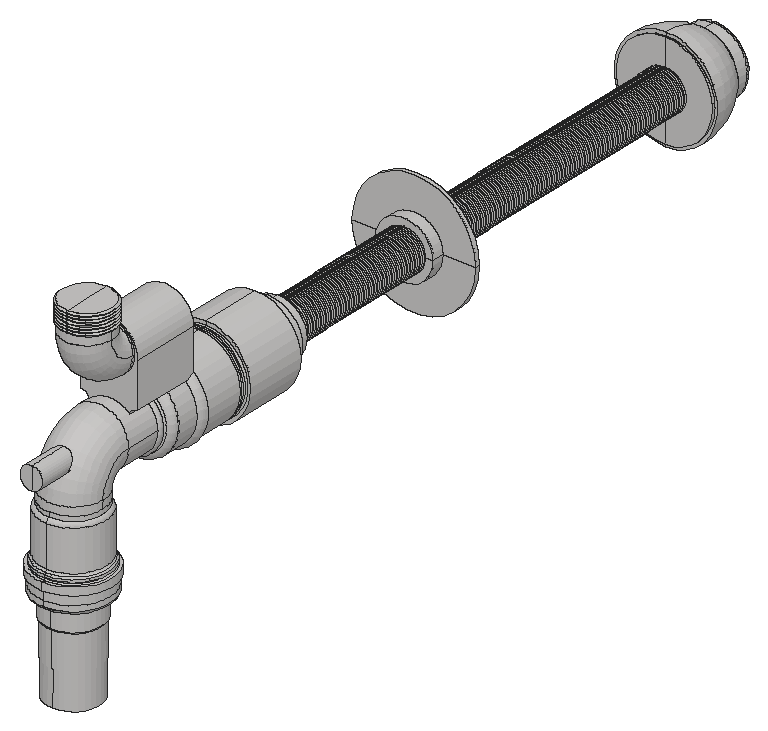
Revit family
Parameters (values of type "Type 1")
  WarrantyDurationUnit = "10 years"
  WarrantyDescription = "Any manufacturing defect"
  Version = "v1"
  URL = "http://www.delabie.com"
  Type Comments = "Cross wall time flow kit for direct flush"
  SerialNumber = "3456330020671"
  Radius = 13 mm
  ProductInformation = "http://www.delabie.com/products/761200"
  Operation = "Time flow tap"
  NominalLength = 200 mm
  Name = "TEMPOFLUX"
  ModelNumber = "761200"
  Model = "TEMPOFLUX"
  Material = Solid brass
  ManufacturerURL = "http://www.delabie.com"
  ManufacturerName = "DELABIE"
  Manufacturer = "DELABIE"
  IntegralAccessoryOptions = "Flush tube"
  IntegralAccessory = "Stopcock"
  Grade = "ACS - PZH"
  Finish = Chrome-plated
  Features  = "Cross wall time kit for direct flush:\r\nCross wall control, can be cut-to-size.\r\nSoft-touch operation.\r\nTime flow ~7 sec.\r\nVacuum breaker.\r\nIntegrated stopcock and flow/volume rate adjuster.\r\nSolid brass body and chrome-plated push-button.\r\nIn-line inlet M¾\".\r\nConnection washer Ø 32/55mm.\r\nFor walls of 200mm or less, without tube."
  Description = "French manufacturer Delabie is a leader in the European sanitary ware market for non-domestic places. Water controls, solutions for disabled people, sanitary ware, for schools, leisure centres, offices, hospitals, airports…"
  Category = "WC valve"
  Assembly Code = ""
Reference planes
  plane 1: y = 0
  plane 2 "Center (Left/Right)": x = 125
  plane 3 "Back": y = 75
  plane 4: y = 75
  plane 5: y = -75
  plane 6: y = -75
  plane 7: z = 1025
Forms (mm)
  Revolve 1, solid, material "Laiton massif chromé"
    sketch origin (-8600, -159.4, 1025) x (0, 1, 0) y (-1, 0, 0)
      loop
        line (84.4, -8725) -> (84.4, -8695) -> (82.4, -8695) -> (82.4, -8711) -> (76.4, -8711) -> (76.4, -8725) -> (84.4, -8725)
      axis (76.4, -8725) -> (84.4, -8725)
    angle from 0 to 360
Text (mm)
  text "Placement side" at (-1787.139, 592.35, 0), in view "Ref. Level"
  text "Placement side" at (0, 1827.695, 2917.686), in view "Left"
  text "Placement side" at (0, 562.268, 3853.606), in view "Right"
Dimensions and locks
  locked: plane 3 "Back" to host wall at 0
  locked: plane 4 to plane 3 "Back" at 0
  Revolve 1 sketch curve to Revolve 1 sketch curve to Revolve 1 sketch curve = 2 mm locked, 6 mm locked
  locked: plane 5 to plane 6 at 0
  aligned and locked: host wall to plane 1
  aligned and locked: plane 4 to nested 1
  aligned and locked: plane 5 to host wall
  aligned and locked: Revolve 1 to plane 6
Nested families
  nested 1: "761200b" at (125, 75, 0), type "761200b"
Connectors
  piping at (125, -275.2, 1088.3), driven by "Radius"
    settings: on nested 1, index 2, connector radius 13 mm, flow factor 0, pipe flow 1.0 L/s, pressure drop 0.0 Pa, fitting loss kfactor 0, connector angle 0.00°, fixture units 0, flow configuration 0, flow direction 1, fitting loss method 0, system type 20, connector reference index -1, connector utility 0, adjustable connector no, is connector primary yes, fitting loss table "", connector description "In - Cold water"
Definition of nested family "761200b"
  Parameters (values of type "761200b")
    Assembly Code = ""
  Types (2): name
    761200b
    Type 1
  Reference planes
    plane 1 "Center (Front/Back)": y = 0
    plane 2: z = 0
    plane 3 "Center (Left/Right)": x = 0
    plane 4: y = -358.6
  Forms (mm)
    Revolve 1, solid, material "Laiton massif chromé"
      sketch origin (0, -923.824, -119.098) x (0, 1, 0) y (0, 0, 1)
        loop
          line (953.345, 1160.598) -> (945.824, 1160.598) -> (945.824, 1161.598)
          arc (945.824, 1161.598) -> (945.69, 1162.098) -> (945.324, 1162.464) r 1
          arc (945.324, 1162.464) -> (935.632, 1167.505) -> (924.824, 1169.098) r 32.93
          line (924.824, 1169.098) -> (924.824, 1167.418) -> (923.824, 1167.418) -> (923.824, 1144.098) -> (956.26, 1144.098)
          arc (956.26, 1144.098) -> (956.198, 1145.355) -> (956.011, 1146.598) r 12.654
          arc (956.011, 1146.598) -> (955.808, 1152.639) -> (955.365, 1158.667) r 151.88
          arc (955.365, 1158.667) -> (954.742, 1160.038) -> (953.345, 1160.598) r 2.023
        axis (956.26, 1144.098) -> (923.824, 1144.098)
      angle from 0 to 360
    Revolve 2, solid, material "Laiton massif chromé"
      sketch origin (0, 0, 0) x (0, 1, 0) y (0, 0, 1)
        loop
          line (0, 1025) -> (0, 1035.25) -> (-0.5, 1034.384) -> (-1, 1035.25) -> (-1.5, 1034.384) -> (-2, 1035.25) -> (-2.5, 1034.384) -> (-3, 1035.25) -> (-3.5, 1034.384) -> (-4, 1035.25) -> (-4.5, 1034.384) -> (-5, 1035.25) -> (-5.5, 1034.384) -> (-6, 1035.25) -> (-6.5, 1034.384) -> (-7, 1035.25) -> (-7.5, 1034.384) -> (-8, 1035.25) -> (-8.5, 1034.384) -> (-9, 1035.25) -> (-9.5, 1034.384) -> (-10, 1035.25) -> (-10.5, 1034.384) -> (-11, 1035.25) -> (-11.5, 1034.384) -> (-12, 1035.25) -> (-12.5, 1034.384) -> (-13, 1035.25) -> (-13.5, 1034.384) -> (-14, 1035.25) -> (-14.5, 1034.384) -> (-15, 1035.25) -> (-15.5, 1034.384) -> (-16, 1035.25) -> (-16.5, 1034.384) -> (-17, 1035.25) -> (-17.5, 1034.384) -> (-18, 1035.25) -> (-18.5, 1034.384) -> (-19, 1035.25) -> (-19.5, 1034.384) -> (-20, 1035.25) -> (-20.5, 1034.384) -> (-21, 1035.25) -> (-21.5, 1034.384) -> (-22, 1035.25) -> (-22.5, 1034.384) -> (-23, 1035.25) -> (-23.5, 1034.384) -> (-24, 1035.25) -> (-24.5, 1034.384) -> (-25, 1035.25) -> (-25.5, 1034.384) -> (-26, 1035.25) -> (-26.5, 1034.384) -> (-27, 1035.25) -> (-27.5, 1034.384) -> (-28, 1035.25) -> (-28.5, 1034.384) -> (-29, 1035.25) -> (-29.5, 1034.384) -> (-30, 1035.25) -> (-30.5, 1034.384) -> (-31, 1035.25) -> (-31.5, 1034.384) -> (-32, 1035.25) -> (-32.5, 1034.384) -> (-33, 1035.25) -> (-33.5, 1034.384) -> (-34, 1035.25) -> (-34.5, 1034.384) -> (-35, 1035.25) -> (-35.5, 1034.384) -> (-36, 1035.25) -> (-36.5, 1034.384) -> (-37, 1035.25) -> (-37.5, 1034.384) -> (-38, 1035.25) -> (-38.5, 1034.384) -> (-39, 1035.25) -> (-39.5, 1034.384) -> (-40, 1035.25) -> (-40.5, 1034.384) -> (-41, 1035.25) -> (-41.5, 1034.384) -> (-42, 1035.25) -> (-42.5, 1034.384) -> (-43, 1035.25) -> (-43.5, 1034.384) -> (-44, 1035.25) -> (-44.5, 1034.384) -> (-45, 1035.25) -> (-45.5, 1034.384) -> (-46, 1035.25) -> (-46.5, 1034.384) -> (-47, 1035.25) -> (-47.5, 1034.384) -> (-48, 1035.25) -> (-48.5, 1034.384) -> (-49, 1035.25) -> (-49.5, 1034.384) -> (-50, 1035.25) -> (-50.5, 1034.384) -> (-51, 1035.25) -> (-51.5, 1034.384) -> (-52, 1035.25) -> (-52.5, 1034.384) -> (-53, 1035.25) -> (-53.5, 1034.384) -> (-54, 1035.25) -> (-54.5, 1034.384) -> (-55, 1035.25) -> (-55.5, 1034.384) -> (-56, 1035.25) -> (-56.5, 1034.384) -> (-57, 1035.25) -> (-57.5, 1034.384) -> (-58, 1035.25) -> (-58.5, 1034.384) -> (-59, 1035.25) -> (-59.5, 1034.384) -> (-60, 1035.25) -> (-60.5, 1034.384) -> (-61, 1035.25) -> (-61.5, 1034.384) -> (-62, 1035.25) -> (-62.5, 1034.384) -> (-63, 1035.25) -> (-63.5, 1034.384) -> (-64, 1035.25) -> (-64.5, 1034.384) -> (-65, 1035.25) -> (-65.5, 1034.384) -> (-66, 1035.25) -> (-66.5, 1034.384) -> (-67, 1035.25) -> (-67.5, 1034.384) -> (-68, 1035.25) -> (-68.5, 1034.384) -> (-69, 1035.25) -> (-69.5, 1034.384) -> (-70, 1035.25) -> (-70.5, 1034.384) -> (-71, 1035.25) -> (-71.5, 1034.384) -> (-72, 1035.25) -> (-72.5, 1034.384) -> (-73, 1035.25) -> (-73.5, 1034.384) -> (-74, 1035.25) -> (-74.5, 1034.384) -> (-75, 1035.25) -> (-75.5, 1034.384) -> (-76, 1035.25) -> (-76.5, 1034.384) -> (-77, 1035.25) -> (-77.5, 1034.384) -> (-78, 1035.25) -> (-78.5, 1034.384) -> (-79, 1035.25) -> (-79.5, 1034.384) -> (-80, 1035.25) -> (-80.5, 1034.384) -> (-81, 1035.25) -> (-81.5, 1034.384) -> (-82, 1035.25) -> (-82.5, 1034.384) -> (-83, 1035.25) -> (-83.5, 1034.384) -> (-84, 1035.25) -> (-84.5, 1034.384) -> (-85, 1035.25) -> (-85.5, 1034.384) -> (-86, 1035.25) -> (-86.5, 1034.384) -> (-87, 1035.25) -> (-87.5, 1034.384) -> (-88, 1035.25) -> (-88.5, 1034.384) -> (-89, 1035.25) -> (-89.5, 1034.384) -> (-90, 1035.25) -> (-90.5, 1034.384) -> (-91, 1035.25) -> (-91.5, 1034.384) -> (-92, 1035.25) -> (-92.5, 1034.384) -> (-93, 1035.25) -> (-93.5, 1034.384) -> (-94, 1035.25) -> (-94.5, 1034.384) -> (-95, 1035.25) -> (-95.5, 1034.384) -> (-96, 1035.25) -> (-96.5, 1034.384) -> (-97, 1035.25) -> (-97.5, 1034.384) -> (-98, 1035.25) -> (-98.5, 1034.384) -> (-99, 1035.25) -> (-99.5, 1034.384) -> (-100, 1035.25) -> (-100.5, 1034.384) -> (-101, 1035.25) -> (-101.5, 1034.384) -> (-102, 1035.25) -> (-102.5, 1034.384) -> (-103, 1035.25) -> (-103.5, 1034.384) -> (-104, 1035.25) -> (-104.5, 1034.384) -> (-105, 1035.25) -> (-105.5, 1034.384) -> (-106, 1035.25) -> (-106.5, 1034.384) -> (-107, 1035.25) -> (-107.5, 1034.384) -> (-108, 1035.25) -> (-108.5, 1034.384) -> (-109, 1035.25) -> (-109.5, 1034.384) -> (-110, 1035.25) -> (-110.5, 1034.384) -> (-111, 1035.25) -> (-111.5, 1034.384) -> (-112, 1035.25) -> (-112.5, 1034.384) -> (-113, 1035.25) -> (-113.5, 1034.384) -> (-114, 1035.25) -> (-114.5, 1034.384) -> (-115, 1035.25) -> (-115.5, 1034.384) -> (-116, 1035.25) -> (-116.5, 1034.384) -> (-117, 1035.25) -> (-117.5, 1034.384) -> (-118, 1035.25) -> (-118.5, 1034.384) -> (-119, 1035.25) -> (-119.5, 1034.384) -> (-120, 1035.25) -> (-120.5, 1034.384) -> (-121, 1035.25) -> (-121.5, 1034.384) -> (-122, 1035.25) -> (-122.5, 1034.384) -> (-123, 1035.25) -> (-123.5, 1034.384) -> (-124, 1035.25) -> (-124.5, 1034.384) -> (-125, 1035.25) -> (-125.5, 1034.384) -> (-126, 1035.25) -> (-126.5, 1034.384) -> (-127, 1035.25) -> (-127.5, 1034.384) -> (-128, 1035.25) -> (-128.5, 1034.384) -> (-129, 1035.25) -> (-129.5, 1034.384) -> (-130, 1035.25) -> (-130.5, 1034.384) -> (-131, 1035.25) -> (-131.5, 1034.384) -> (-132, 1035.25) -> (-132.5, 1034.384) -> (-133, 1035.25) -> (-133.5, 1034.384) -> (-134, 1035.25) -> (-134.5, 1034.384) -> (-135, 1035.25) -> (-135.5, 1034.384) -> (-136, 1035.25) -> (-136.5, 1034.384) -> (-137, 1035.25) -> (-137.5, 1034.384) -> (-138, 1035.25) -> (-138.5, 1034.384) -> (-139, 1035.25) -> (-139.5, 1034.384) -> (-140, 1035.25) -> (-140.5, 1034.384) -> (-141, 1035.25) -> (-141.5, 1034.384) -> (-142, 1035.25) -> (-142.5, 1034.384) -> (-143, 1035.25) -> (-143.5, 1034.384) -> (-144, 1035.25) -> (-144.5, 1034.384) -> (-145, 1035.25) -> (-145.5, 1034.384) -> (-146, 1035.25) -> (-146.5, 1034.384) -> (-147, 1035.25) -> (-147.5, 1034.384) -> (-148, 1035.25) -> (-148.5, 1034.384) -> (-149, 1035.25) -> (-149.5, 1034.384) -> (-150, 1035.25) -> (-150.5, 1034.384) -> (-151, 1035.25) -> (-151.5, 1034.384) -> (-152, 1035.25) -> (-152.5, 1034.384) -> (-153, 1035.25) -> (-153.5, 1034.384) -> (-154, 1035.25) -> (-154.5, 1034.384) -> (-155, 1035.25) -> (-155.5, 1034.384) -> (-156, 1035.25) -> (-156.5, 1034.384) -> (-157, 1035.25) -> (-157.5, 1034.384) -> (-158, 1035.25) -> (-158.5, 1034.384) -> (-159, 1035.25) -> (-159.5, 1034.384) -> (-160, 1035.25) -> (-160.5, 1034.384) -> (-161, 1035.25) -> (-161.5, 1034.384) -> (-162, 1035.25) -> (-162.5, 1034.384) -> (-163, 1035.25) -> (-163.5, 1034.384) -> (-164, 1035.25) -> (-164.5, 1034.384) -> (-165, 1035.25) -> (-165.5, 1034.384) -> (-166, 1035.25) -> (-166.5, 1034.384) -> (-167, 1035.25) -> (-167.5, 1034.384) -> (-168, 1035.25) -> (-168.5, 1034.384) -> (-169, 1035.25) -> (-169.5, 1034.384) -> (-170, 1035.25) -> (-170.5, 1034.384) -> (-171, 1035.25) -> (-171.5, 1034.384) -> (-172, 1035.25) -> (-172.5, 1034.384) -> (-173, 1035.25) -> (-173.5, 1034.384) -> (-174, 1035.25) -> (-174.5, 1034.384) -> (-175, 1035.25) -> (-175.5, 1034.384) -> (-176, 1035.25) -> (-176.5, 1034.384) -> (-177, 1035.25) -> (-177.5, 1034.384) -> (-178, 1035.25) -> (-178.5, 1034.384) -> (-179, 1035.25) -> (-179.5, 1034.384) -> (-180, 1035.25) -> (-180.5, 1034.384) -> (-181, 1035.25) -> (-181.5, 1034.384) -> (-182, 1035.25) -> (-182.5, 1034.384) -> (-183, 1035.25) -> (-183.5, 1034.384) -> (-184, 1035.25) -> (-184.5, 1034.384) -> (-185, 1035.25) -> (-185.5, 1034.384) -> (-186, 1035.25) -> (-186.5, 1034.384) -> (-187, 1035.25) -> (-187.5, 1034.384) -> (-188, 1035.25) -> (-188.5, 1034.384) -> (-189, 1035.25) -> (-189.5, 1034.384) -> (-190, 1035.25) -> (-190.5, 1034.384) -> (-191, 1035.25) -> (-191.5, 1034.384) -> (-192, 1035.25) -> (-192.5, 1034.384) -> (-193, 1035.25) -> (-193.5, 1034.384) -> (-194, 1035.25) -> (-194.5, 1034.384) -> (-195, 1035.25) -> (-195.5, 1034.384) -> (-196, 1035.25) -> (-196.5, 1034.384) -> (-197, 1035.25) -> (-197.5, 1034.384) -> (-198, 1035.25) -> (-198.5, 1034.384) -> (-199, 1035.25) -> (-199.5, 1034.384) -> (-200, 1035.25) -> (-200.5, 1034.384) -> (-201, 1035.25) -> (-201.5, 1034.384) -> (-202, 1035.25) -> (-202.5, 1034.384) -> (-203, 1035.25) -> (-203.5, 1034.384) -> (-204, 1035.25) -> (-204.5, 1034.384) -> (-205, 1035.25) -> (-205.5, 1034.384) -> (-206, 1035.25) -> (-206.5, 1034.384) -> (-207, 1035.25) -> (-207.5, 1034.384) -> (-208, 1035.25) -> (-208.5, 1034.384) -> (-209, 1035.25) -> (-209.5, 1034.384) -> (-210, 1035.25) -> (-210.5, 1034.384) -> (-211, 1035.25) -> (-211.5, 1034.384) -> (-212, 1035.25) -> (-212.5, 1034.384) -> (-213, 1035.25) -> (-213.5, 1034.384) -> (-214, 1035.25) -> (-214.5, 1034.384) -> (-215, 1035.25) -> (-215.5, 1034.384) -> (-216, 1035.25) -> (-216.5, 1034.384) -> (-217, 1035.25) -> (-217.5, 1034.384) -> (-218, 1035.25) -> (-218.5, 1034.384) -> (-219, 1035.25) -> (-219.5, 1034.384) -> (-220, 1035.25) -> (-220.5, 1034.384) -> (-221, 1035.25) -> (-221.5, 1034.384) -> (-222, 1035.25) -> (-222.5, 1034.384) -> (-223, 1035.25) -> (-223.5, 1034.384) -> (-224, 1035.25) -> (-224.5, 1034.384) -> (-225, 1035.25) -> (-225.5, 1034.384) -> (-226, 1035.25) -> (-226.5, 1034.384) -> (-227, 1035.25) -> (-227.5, 1034.384) -> (-228, 1035.25) -> (-228.5, 1034.384) -> (-229, 1035.25) -> (-229.5, 1034.384) -> (-230, 1035.25) -> (-230.5, 1034.384) -> (-231, 1035.25) -> (-231.5, 1034.384) -> (-232, 1035.25) -> (-232.5, 1034.384) -> (-233, 1035.25) -> (-233.5, 1034.384) -> (-234, 1035.25) -> (-234.4, 1034.557) -> (-234.4, 1038.88) -> (-240.4, 1038.88) -> (-240.4, 1041.5) -> (-248.4, 1041.5) -> (-248.4, 1047) -> (-278.4, 1047) -> (-278.4, 1045.346) -> (-279.1, 1044.134) -> (-279.6, 1045) -> (-280.1, 1044.134) -> (-280.6, 1045) -> (-281.1, 1044.134) -> (-281.6, 1045) -> (-282.1, 1044.134) -> (-282.6, 1045) -> (-303.4, 1045) -> (-303.4, 1046)
          arc (-303.4, 1046) -> (-305.685, 1045.482) -> (-307.5, 1044) r 5.119
          line (-307.5, 1044) -> (-318.5, 1044)
          arc (-318.5, 1044) -> (-320.96, 1043.163) -> (-322.4, 1041) r 4.035
          arc (-322.4, 1041) -> (-322.811, 1040.505) -> (-323.455, 1040.5) r 0.764
          arc (-323.455, 1040.5) -> (-324.802, 1040.505) -> (-325.7, 1039.5) r 1.643
          line (-325.7, 1039.5) -> (-325.7, 1030.5) -> (-383.9, 1030.5) -> (-383.9, 1025) -> (0, 1025)
        axis (-383.9, 1025) -> (0, 1025)
      angle from 0 to 360
    Sweep 3, solid, material "Laiton massif chromé"
      path origin (0, -0.5, 0) x (0, 1, 0) y (0, 0, 1)
        loop
          line (-325.2, 1025) -> (-342.6, 1025)
          arc (-342.6, 1025) -> (-353.56, 1020.46) -> (-358.1, 1009.5) r 15.5
          line (-358.1, 1009.5) -> (-358.1, 1005.4)
      profile origin (0, -358.6, 1007.45) x (1, 0, 0) y (0, 1, 0)
        loop
          circle (0, 0) r 14.5
    Revolve 4, solid, material "Laiton massif chromé"
      sketch origin (0, 0, 0) x (0, 1, 0) y (0, 0, 1)
        loop
          line (-374.6, 1001.1) -> (-374.6, 981.3)
          arc (-374.6, 981.3) -> (-374.813, 980.624) -> (-375.375, 980.193) r 1.178
          line (-375.375, 980.193) -> (-375.946, 979.378) -> (-375.946, 978.131) -> (-375.289, 977.671) -> (-375.946, 977.014) -> (-377.55, 977.014) -> (-377.55, 973.345) -> (-376.55, 973.345) -> (-376.55, 968.6) -> (-376.55, 965.796)
          arc (-376.55, 965.796) -> (-374.857, 964.063) -> (-372.5, 963.5) r 4.364
          line (-372.5, 963.5) -> (-372.5, 954.5) -> (-371.65, 953.5) -> (-371.25, 919.4) -> (-358.6, 919.4) -> (-358.6, 1005.4) -> (-373.1, 1005.4) -> (-373.1, 1003.242)
          arc (-373.1, 1003.242) -> (-374.188, 1002.408) -> (-374.6, 1001.1) r 2.28
        axis (-358.6, 919.4) -> (-358.6, 1005.4)
      angle from 0 to 360
    Extrusion 5, solid, material "Laiton massif chromé"
      sketch origin (0, -303.4, 1133.716) x (0, 0, 1) y (-1, 0, 0)
        loop
          arc (-73.416, -14) -> (-59.416, 0) -> (-73.416, 14) r 14
          line (-73.416, 14) -> (-95.039, 14)
          arc (-95.039, 14) -> (-96.347, 10.843) -> (-99.504, 9.536) r 4.464
          line (-99.504, 9.536) -> (-99.504, -9.536)
          arc (-99.504, -9.536) -> (-96.347, -10.843) -> (-95.039, -14) r 4.464
          line (-95.039, -14) -> (-73.416, -14)
      from 0 to 33.3
    Sweep 6, solid, material "Laiton massif chromé"
      path origin (0, 0, 0) x (0, 1, 0) y (0, 0, 1)
        loop
          line (-303.4, 1061.894) -> (-337.7, 1061.894)
          arc (-337.7, 1061.894) -> (-346.539, 1065.555) -> (-350.2, 1074.394) r 12.5
          line (-350.2, 1074.394) -> (-350.2, 1078.401)
      profile origin (0, -320.55, 1061.894) x (0, 0, -1) y (1, 0, 0)
        loop
          circle (0, 0) r 12
    Revolve 7, solid, material "Laiton massif chromé"
      sketch origin (0, 0, 0) x (0, 1, 0) y (0, 0, 1)
        loop
          line (-338.2, 1088.3) -> (-350.2, 1088.3) -> (-350.2, 1078.401) -> (-338.2, 1078.401) -> (-337.493, 1079.108) -> (-338.2, 1079.815) -> (-337.493, 1080.522) -> (-338.2, 1081.229) -> (-337.493, 1081.936) -> (-338.2, 1082.643) -> (-337.493, 1083.35) -> (-338.2, 1084.057) -> (-337.493, 1084.764) -> (-338.2, 1085.472) -> (-337.493, 1086.179) -> (-338.2, 1086.886) -> (-337.493, 1087.593) -> (-338.2, 1088.3)
        axis (-350.2, 1078.401) -> (-350.2, 1088.3)
      angle from 0 to 360
  Dimensions and locks
    aligned and locked: level to plane 2
